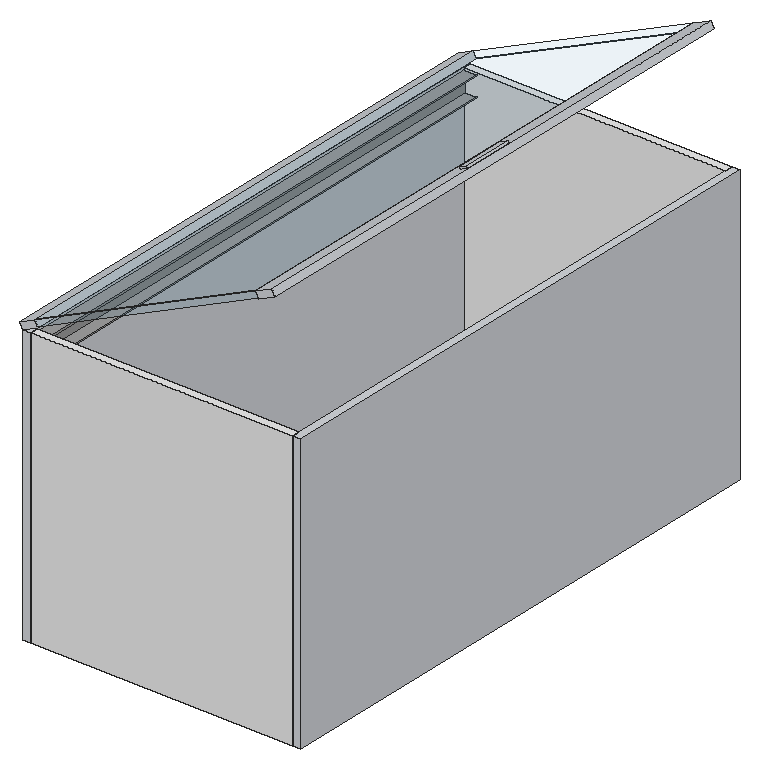
Revit family "Domotics-NetworkCabling-GEWISS-CABINETS_FLOOR-MOUNTED_19_24U_D600", category Apparecchi elettrici, host Superficie, Revit 2019
Family settings
  Host = Superficie
  Mantenere orientamento annotazione = Sì
  Quota connettore circolare = Usa diametro
  Tipo di parte = Normale
  Taglio con vuoti quando caricato = No
  Condiviso = No
  Punto di calcolo locali = Sì
Parameters (values of type "GW38451 - FLOOR RACK CABINET 19 24U 600x600MM")
  simbolo in pianta [instance] = yes
  barra din = yes
  Visibilità sportello [instance] = yes
  Version file RFA = "21.2"
  URL = "https://www.gewiss.com/ww/en"
  Type of door = "Reversible"
  Technical sheet = "https://www.gewiss.com/ww/en/search?q=GW38451"
  Static load capacity = "1000KG"
  SEO = "Cabinet"
  Realized by GEWISS S.p.A. = ""
  Default Elevation = 1219.2 mm
  Produttore = "GEWISS S.p.A."
  Outer dim. LxHxD (mm) = "600x1185x600"
  Nome quadro [instance] = "n.quadro"
  No. uprights = "2"
  Modello = "GW38451"
  Material = "Steel"
  Immagine tipo = C.jpg
  IP degree = "IP20"
  IDT = "053d00158162476f8ef6cae597f3a83f"
  IDF = "db74b7e4-7c5a-4a63-b77e-c6ea9bb9c82a"
  Finishing = "Textured"
  Electrocod = "3752"
  Door opening = "135°"
  Distanza_x [instance] = 300 mm
  Distanza simbolo [instance] = 0 mm
  Distanza effettiva x [instance] = 1000 mm - Distanza_x  # 700 mm
  Descrizione = "FLOOR RACK CABINET 19 24U 600x600MM"
  Depth (mm) = "600 mm"
  Colour = "Grey (RAL 7035)"
  Category = "19” floor-standing cabinet"
  Catalogue = "DOMOTICS"
  Cabling unity = "24 U"
  COBie.Tagnumber = ""
  COBie.CreatedOn = ""
  COBie.CreatebBy = ""
  COBie.ComponentRegisterItemID = ""
  COBie.Component.TagNumber = ""
  COBie.Component.Space = ""
  COBie.Component.SerialNumber = ""
  COBie.Component.InstallationDate = ""
  COBie.Component.Description = ""
  COBie.Component.BarCode = ""
  Apertura [instance] = 25.00°
Reference planes
  plane 1 "Centro (Fronte/Retro)": y = 0
  plane 2: z = 0
  plane 3 "Centro (Sinistra/Destra)": x = 0
  plane 4: x = -1380.34
  plane 5: x = -680.34
Forms (mm)
  Extrusion 1, solid, detail levels coarse
    sketch origin (0, 0, 0) x (1, 0, 0) y (0, 1, 0)
      loop
        line (583.5, 0) -> (583.5, 1185) -> (-16.5, 1185) -> (-16.5, 0) -> (583.5, 0)
    from 0 to 600
Dimensions and locks
  plane 4 to plane 3 "Centro (Sinistra/Destra)" = 1380.34 mm
  "Distanza effettiva x": plane 4 to plane 5
  aligned and locked: host face to plane 2
  aligned and locked: host face to level
  aligned and locked: plane 1 "Centro (Fronte/Retro)" to nested 1
  aligned and locked: nested 2 to plane 5
  aligned and locked: Extrusion 1 sketch curve to nested 1  (x4)
  aligned and locked: Extrusion 1 to nested 1
  aligned and locked: plane 3 "Centro (Sinistra/Destra)" to nested 1
Automatic sketch dimensions
  host sketch curve to host sketch curve = 3398.537 mm
  host sketch curve to host sketch curve = 3619.2 mm
Nested families
  nested 1: "DATACENTER ARMADIO PARETE 24U P600mm_base" at (-16.5, 0, 0), Apertura <- "Apertura", Sportello <- "Visibilità sportello", visible <- "Visibilità sportello", Barra din <- "barra din", Sportello visibile <- "Visibilità sportello", type "DATACENTER ARMADIO PARETE 24U P600mm_base", detail levels medium+fine
    with Sportello visibile yes, Sportello yes, Barra din yes, Apertura 25.00°
  nested 2: "DATACENTERsimbolo" at (-680.34, 911.19, 0), Distanza dal muro <- "Distanza simbolo", SIMBOLO ACCESO <- "simbolo in pianta", visible <- "simbolo in pianta", type "3P"
    with SIMBOLO ACCESO yes, Distanza dal muro 0 mm
Definition of nested family "DATACENTER ARMADIO PARETE 24U P600mm_base"
  Parameters (values of type "DATACENTER ARMADIO PARETE 24U P600mm_base")
    Struttura = none
    Sportello_vetro = none
    Sportello visibile [instance] = yes
    Sportello lato = none
    Sportello [instance] = yes
    Profondità quadro = 600 mm  # constant formula
    L_quadro = 600 mm  # constant formula
    Barra din [instance] = yes
    Altezza quadro = 1185 mm  # constant formula
    Apertura [instance] = 30.00°
  Reference planes
    plane 1 "Centro (Fronte/Retro)": y = 0
    plane 2: z = 0
    plane 3 "Centro (Sinistra/Destra)": x = 0
    plane 4: x = 600
    plane 5: y = 1185
    plane 6: x = 16.5
    plane 7: y = 1168.5
    plane 8: y = 16.5
    plane 9: x = 583.5
    plane 10: z = 600
    plane 11: z = 16.5
    plane 12: x = 46.5
    plane 13: x = 18.5
    plane 14: z = 596
    plane 15: z = 551
    plane 16: z = 594
    plane 17: x = 20.5
    plane 18: z = 553
    plane 19: x = 44.5
    plane 20: z = 18.5
    plane 21: z = 63.5
    plane 22: z = 61.5
    plane 23: z = 20.5
  Forms (mm)
    Extrusion 1, solid, material <- "Struttura"
      sketch origin (0, 0, 0) x (1, 0, 0) y (0, 1, 0)
        loop
          line (16.5, 1168.5) -> (583.5, 1168.5) -> (583.5, 1185) -> (16.5, 1185) -> (16.5, 1168.5)
      from 0 to 600
    Extrusion 2, solid
      sketch origin (0, 0, 0) x (1, 0, 0) y (0, 1, 0)
        loop
          line (16.5, 1168.5) -> (16.5, 16.5) -> (583.5, 16.5) -> (583.5, 1168.5) -> (16.5, 1168.5)
      from 0 to 16.5
    Extrusion 3, solid
      sketch origin (468.185, 0, 870.307) x (-0.866025, 0, -0.5) y (0, -1, 0)
        loop
          line (-59.386, 0) -> (-59.386, -1185) -> (-20.759, -1185) -> (-20.759, 0) -> (-59.386, 0)
        loop
          line (540.614, -1185) -> (540.614, 0) -> (506.604, 0) -> (506.604, -1185) -> (540.614, -1185)
      from 0 to 15
    Extrusion 4, solid, material <- "Sportello_vetro", visible <- "Sportello visibile"
      sketch origin (468.185, 0, 870.307) x (-0.866025, 0, -0.5) y (0, -1, 0)
        loop
          line (506.604, 0) -> (-20.759, 0) -> (-20.759, -1185) -> (506.604, -1185) -> (506.604, 0)
      from 0 to 15
    Extrusion 5, solid
      sketch origin (0, 0, 0) x (1, 0, 0) y (0, 1, 0)
        loop
          line (0, 1185) -> (0, 0) -> (16.5, 0) -> (16.5, 1185) -> (0, 1185)
        loop
          line (600, 0) -> (600, 1185) -> (583.5, 1185) -> (583.5, 0) -> (600, 0)
      from 0 to 600
    Extrusion 6, solid, material <- "Struttura"
      sketch origin (0, 400, 0) x (1, 0, 0) y (0, 1, 0)
        loop
          line (16.5, -383.5) -> (16.5, -400) -> (583.5, -400) -> (583.5, -383.5) -> (16.5, -383.5)
      from 0 to 600
    Extrusion 7, solid
      sketch origin (468.185, 0, 870.307) x (-0.866025, 0, -0.5) y (0, -1, 0)
        loop
          line (-33.539, -647.5) -> (-33.539, -537.5) -> (-52.092, -537.5) -> (-52.092, -647.5) -> (-33.539, -647.5)
      from 2.698 to 17.686
    Extrusion 8, solid, visible <- "Barra din"
      sketch origin (0, 0, 0) x (1, 0, 0) y (0, 0, 1)
        loop
          line (46.5, 596) -> (18.5, 596) -> (18.5, 551) -> (46.5, 551) -> (46.5, 553) -> (20.5, 553) -> (20.5, 594) -> (46.5, 594) -> (46.5, 596)
      from -1168.5 to -16.5
    Extrusion 9, solid, visible <- "Barra din"
      sketch origin (0, 0, 600) x (1, 0, 0) y (0, 0, 1)
        loop
          line (46.5, -581.5) -> (46.5, -579.5) -> (20.5, -579.5) -> (20.5, -538.5) -> (46.5, -538.5) -> (46.5, -536.5) -> (18.5, -536.5) -> (18.5, -581.5) -> (46.5, -581.5)
      from -1168.5 to -16.5
  Lines and regions (mm)
    reference lines
      curve 1: line (468.185, 0, 870.307) -> (0, 0, 600)
  Dimensions and locks
    "L_quadro": plane 3 "Centro (Sinistra/Destra)" to plane 4
    "Altezza quadro": plane 1 "Centro (Fronte/Retro)" to plane 5
    locked: plane 5 to plane 7 at 16.5
    locked: plane 9 to plane 4 at 16.5
    locked: plane 3 "Centro (Sinistra/Destra)" to plane 6 at 16.5
    locked: plane 1 "Centro (Fronte/Retro)" to plane 8 at 16.5
    "Profondità quadro": plane 10 to plane 2
    locked: plane 11 to level at 16.5
    locked: plane 6 to plane 12 at 30
    locked: Extrusion 3 sketch curve to Extrusion 3 sketch curve at 38.628
    locked: Extrusion 3 sketch curve to Extrusion 3 sketch curve at 34.009
    "L_quadro": Extrusion 3 sketch curve to Extrusion 3 sketch curve
    "Altezza quadro": Extrusion 3 sketch curve to Extrusion 3 sketch curve  (x2)
    "Altezza quadro": Extrusion 4 sketch curve to Extrusion 4 sketch curve
    Extrusion 7 sketch curve to Extrusion 7 sketch curve = 18.553 mm
    Extrusion 3 to Extrusion 3 = 1185 mm
    locked: plane 13 to plane 6 at 2
    locked: plane 10 to plane 14 at 4
    locked: plane 14 to plane 16 at 2
    locked: plane 18 to plane 15 at 2
    locked: plane 14 to plane 15 at 45
    locked: plane 23 to plane 20 at 2
    "Apertura": angle plane 10 to curve 1
    aligned and locked: level to plane 2
    aligned and locked: Extrusion 1 sketch curve to plane 7
    aligned and locked: Extrusion 1 sketch curve to plane 5
    aligned and locked: Extrusion 1 sketch curve to plane 6
    aligned and locked: Extrusion 1 sketch curve to plane 9
    aligned and locked: plane 10 to Extrusion 1
    aligned and locked: Extrusion 2 sketch curve to plane 6
    aligned and locked: Extrusion 2 sketch curve to plane 7
    aligned and locked: Extrusion 2 sketch curve to plane 9
    aligned and locked: Extrusion 2 sketch curve to plane 8
    aligned and locked: plane 11 to Extrusion 2
    aligned and locked: curve 1 to Extrusion 1
    aligned and locked: plane 10 to curve 1
    aligned and locked: Extrusion 3 sketch curve to plane 5
    aligned and locked: Extrusion 3 sketch curve to plane 1 "Centro (Fronte/Retro)"
    aligned and locked: Extrusion 4 sketch curve to curve 1
    aligned and locked: Extrusion 4 sketch curve to Extrusion 3  (x2)
    aligned and locked: Extrusion 5 sketch curve to plane 3 "Centro (Sinistra/Destra)"
    aligned and locked: Extrusion 5 sketch curve to plane 6
    aligned and locked: Extrusion 5 sketch curve to plane 4
    aligned and locked: Extrusion 5 sketch curve to plane 9
    aligned and locked: Extrusion 5 sketch curve to plane 5
    aligned and locked: Extrusion 5 sketch curve to plane 1 "Centro (Fronte/Retro)"
    aligned and locked: plane 10 to Extrusion 5
    aligned and locked: plane 8 to Extrusion 6 sketch curve
    aligned and locked: plane 1 "Centro (Fronte/Retro)" to Extrusion 6 sketch curve
    aligned and locked: plane 9 to Extrusion 6 sketch curve
    aligned and locked: plane 6 to Extrusion 6 sketch curve
    aligned and locked: Extrusion 8 sketch curve to plane 14
    aligned and locked: Extrusion 8 sketch curve to plane 13
    aligned and locked: Extrusion 8 sketch curve to plane 15
    aligned and locked: Extrusion 8 sketch curve to plane 18
    aligned and locked: Extrusion 8 sketch curve to plane 17
    aligned and locked: Extrusion 8 sketch curve to plane 12
    aligned and locked: Extrusion 8 sketch curve to plane 16
    aligned and locked: Extrusion 8 to Extrusion 1
    aligned and locked: Extrusion 8 to Extrusion 6
    aligned and locked: plane 21 to Extrusion 9 sketch curve
    aligned and locked: plane 22 to Extrusion 9 sketch curve
    aligned and locked: plane 23 to Extrusion 9 sketch curve
    aligned and locked: plane 20 to Extrusion 9 sketch curve
    aligned and locked: plane 17 to Extrusion 9 sketch curve
    aligned and locked: plane 13 to Extrusion 9 sketch curve
    aligned and locked: Extrusion 2 to Extrusion 9
    aligned and locked: Extrusion 9 to Extrusion 1
    aligned and locked: Extrusion 6 to Extrusion 1
  Automatic sketch dimensions
    plane 1 "Centro (Fronte/Retro)" to Extrusion 5 sketch curve = 0 mm
    Extrusion 5 sketch curve to plane 5 = 0 mm
    Extrusion 7 sketch curve to curve 1 = 52.092 mm
    Extrusion 7 sketch curve to Extrusion 7 sketch curve = 18.553 mm
    Extrusion 7 sketch curve to curve 1 = 647.5 mm
    Extrusion 7 sketch curve to curve 1 = 537.5 mm
    Extrusion 8 sketch curve to plane 12 = 0 mm
    Extrusion 9 sketch curve to plane 12 = 0 mm  (x2)
    curve 1 to plane 3 "Centro (Sinistra/Destra)" = 0 mm
    Extrusion 3 sketch curve to curve 1 = 0 mm
Definition of nested family "DATACENTERsimbolo"
  Parameters (values of type "3P")
    SIMBOLO ACCESO [instance] = yes
    Distanza dal muro [instance] = 0 mm
  Reference planes
    plane 1: y = 0
    plane 2: x = 0
  Dimensions and locks
    "Distanza dal muro": plane 1 to nested 1
    aligned and locked: plane 2 to nested 1
  Nested families
    nested 1: "DATACENTERsimbolo.base" at (0, 0, 0), type "3P"
      with CORNICE SIMBOLO yes
  Definition of nested family "DATACENTERsimbolo.base"
    Parameters (values of type "3P")
      Testo = ""
      CORNICE SIMBOLO [instance] = yes
      3P = yes
    Reference planes
      plane 1: y = 0
      plane 2: x = 0
    Lines and regions (mm)
      detail lines
        curve 1: line (6.852, 3.426, 0) -> (8.859, 3.426, 0)
        curve 2: line (8.859, 3.426, 0) -> (8.859, 0, 0)
        curve 3: line (8.859, 0, 0) -> (6.852, 0, 0)
        curve 4: line (6.852, 0, 0) -> (0, 3.426, 0)
        curve 5: line (0, 3.426, 0) -> (3.027, 3.426, 0)
        curve 6: line (3.027, 3.426, 0) -> (6.852, 3.426, 0)
        curve 7: line (6.852, 3.426, 0) -> (6.852, 0, 0)
        curve 8: line (6.852, 0, 0) -> (0, 0, 0)
        curve 9: line (0, 0, 0) -> (0, 3.426, 0)
        curve 10: line (7.856, 1.713, 0) -> (7.856, 2.67, 0)
        curve 11: line (8.526, 0.756, 0) -> (8.526, 1.713, 0)
        curve 12: line (8.526, 1.713, 0) -> (7.185, 1.713, 0)
        curve 13: line (7.185, 1.713, 0) -> (7.185, 0.756, 0)
    Text (mm)
      label "RJ" at (7.87, 1.29, 0), shows "Testo"
    Nested families
      nested 1: "testo_simb" at (7.89, 1.134, 0), type "3P"
        with SIMBOLO ACCESO yes, Distanza dal muro 0 mm
      nested 2: "testo_simb" at (7.855, 0, 0), type "3P"
        with SIMBOLO ACCESO yes, Distanza dal muro 0 mm
      nested 3: "testo_simb" at (7.855, 0, 0), type "3P"
        with SIMBOLO ACCESO yes, Distanza dal muro 0 mm
      nested 4: "testo_simb" at (7.855, 0, 0), type "3P"
        with SIMBOLO ACCESO yes, Distanza dal muro 0 mm
      nested 5: "testo_simb" at (7.855, 0, 0), type "3P"
        with SIMBOLO ACCESO yes, Distanza dal muro 0 mm
    Definition of nested family "testo_simb"
      Parameters (values of type "3P")
        testo simb = ""
        SIMBOLO ACCESO [instance] = yes
        Distanza dal muro [instance] = 0 mm
      Reference planes
        plane 1: y = 0
        plane 2: x = 0
      Text (mm)
        label "RJ" at (0.02, 0.123, 0), shows "testo simb"
